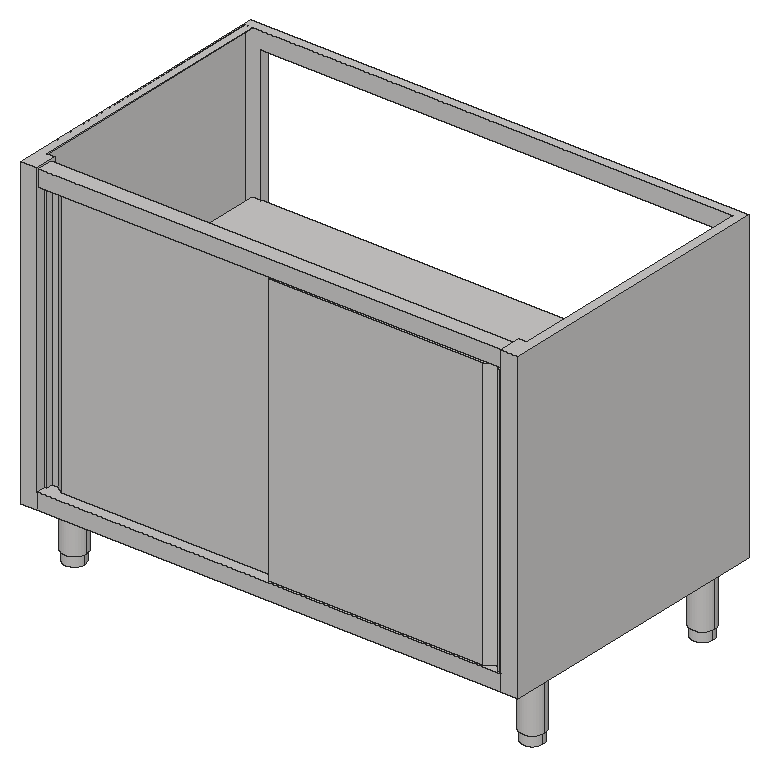
Revit family "QF_ELECTROLUXPROFESSIONAL_133185_RSAU1200SD", category Specialty Equipment, Revit 2018
Family settings
  Round Connector Dimension = Use Diameter
  Part Type = Normal
  Work Plane-Based = No
  Always vertical = Yes
  Cut with Voids When Loaded = No
  Shared = No
  Room Calculation Point = No
Parameters
  Weight = 0.00 kg
  Watts = 0 W
  Volts = 0 V
  URL Manufacturer = ""
  Steam Supply Size = 0 mm
  Steam Supply Minimum Pressure = 0.0 Pa
  Steam Supply Maximum Pressure = 0.0 Pa
  Steam Pounds per Hour = 0
  Refrigeration Suction Line Size = 0 mm
  Refrigeration Liquid Line Size = 0 mm
  Refrigerant Compressor Remote = yes
  Phase = 0
  Length Actual = 0 mm
  Item Number = ""
  Hot Water Size = 0 mm
  Height Actual = 0 mm
  HP = ""
  Gas Size = 0 mm
  Gas KW = 0
  Gas Input Pressure = 0 W
  Direct Waste Size = 0 mm
  Depth Actual = 0 mm
  Cycle = 0 Hz
  Condensate Return Size = 0 mm
  Compressed Air Volume = 0.0 L/s
  Compressed Air Size = 0 mm
  Compressed Air Pressure = 0.0 Pa
  Cold Water Size = 0 mm
  Accessory = yes
Reference planes
  plane 1 "Center (Front/Back)": y = 0
  plane 2: z = 0
  plane 3 "Center (Left/Right)": x = 0
  plane 4: y = 344.5
  plane 5 "Left": x = -594.5
  plane 6 "Right": x = 594.5
  plane 7: y = -344.5
  plane 8: z = 150
  plane 9: z = 883
  plane 10: x = -547.5
  plane 11: x = 547.5
  plane 12: y = 266.5
  plane 13: y = -241.9
Forms (mm)
  Extrusion 1, solid, material "QF_Finishes_Stainless Steel"
    sketch origin (0, 0, 0) x (1, 0, 0) y (0, 1, 0)
      loop
        line (-594.5, 344.5) -> (-594.5, -344.5) -> (-554.5, -344.5) -> (554.5, -344.5) -> (594.5, -344.5) -> (594.5, 344.5) -> (-594.5, 344.5)
    from 150 to 190
  Sweep 2, solid, material "QF_Finishes_Stainless Steel"
    path in 3D
      loop
        line (-594.5, -291.5, 150) -> (-594.5, 324.5, 150)
    profile origin (-594.5, 16.5, 150) x (1, 0, 0) y (0, 0, -1)
      loop
        line (0, -40) -> (0, -733) -> (20, -733) -> (20, -731.5) -> (1.5, -731.5) -> (1.5, -40) -> (0, -40)
  Extrusion 3, solid, material "QF_Finishes_Stainless Steel"
    sketch origin (0, 0, 0) x (1, 0, 0) y (0, 1, 0)
      loop
        line (-594.5, 344.5) -> (-594.5, 324.5) -> (-554.5, 324.5) -> (-554.5, 344.5) -> (-594.5, 344.5)
      loop
        line (594.5, 344.5) -> (554.5, 344.5) -> (554.5, 324.5) -> (594.5, 324.5) -> (594.5, 344.5)
      loop
        line (-594.5, -344.5) -> (-554.5, -344.5) -> (-554.5, -291.5) -> (-594.5, -291.5) -> (-594.5, -344.5)
      loop
        line (594.5, -344.5) -> (594.5, -291.5) -> (554.5, -291.5) -> (554.5, -344.5) -> (594.5, -344.5)
    from 190 to 883
  Extrusion 4, solid, material "QF_Finishes_Stainless Steel"
    sketch origin (0, 0, 0) x (1, 0, 0) y (0, 1, 0)
      loop
        line (-554.5, -304.5) -> (-554.5, -343.5) -> (554.5, -343.5) -> (554.5, -304.5) -> (-554.5, -304.5)
    from 843 to 881.5
  Extrusion 5, solid, material "QF_Finishes_Stainless Steel"
    sketch origin (0, 0, 0) x (1, 0, 0) y (0, 1, 0)
      loop
        line (-574.5, 324.5) -> (-574.5, -291.5) -> (574.5, -291.5) -> (574.5, 324.5) -> (-574.5, 324.5)
    from 480 to 520.003
  Sweep 6, solid, material "QF_Finishes_Stainless Steel"
    path in 3D
      loop
        line (594.5, -291.5, 150) -> (594.5, 324.5, 150)
    profile origin (594.5, 16.5, 150) x (1, 0, 0) y (0, 0, -1)
      loop
        line (0, -40) -> (-1.5, -40) -> (-1.5, -731.5) -> (-20, -731.5) -> (-20, -733) -> (0, -733) -> (0, -40)
  Extrusion 7, solid, material "QF_Finishes_Stainless Steel"
    sketch origin (0, 0, 0) x (1, 0, 0) y (0, 1, 0)
      loop
        line (-554.5, 324.5) -> (554.5, 324.5) -> (554.5, 344.5) -> (-554.5, 344.5) -> (-554.5, 324.5)
    from 843 to 883
Cuts and joins
  joined: Extrusion 1, Sweep 2, Extrusion 3, Extrusion 4, Extrusion 5, Sweep 6, Extrusion 7
Lines and regions (mm)
  sketch lines
    curve 1: line (-594.5, -291.5, 150) -> (-594.5, 324.5, 150)
    curve 2: line (594.5, -291.5, 150) -> (594.5, 324.5, 150)
  symbolic lines
    curve 3: line (-594.5, 344.5, 0) -> (594.5, 344.5, 0)
    curve 4: line (-594.5, -344.5, 0) -> (-594.5, 344.5, 0)
    curve 5: line (594.5, -344.5, 0) -> (-594.5, -344.5, 0)
    curve 6: line (594.5, 344.5, 0) -> (594.5, -344.5, 0)
    curve 7: line (-594.5, -311.5, 0) -> (0, -311.5, 0)
    curve 8: line (0, -311.5, 0) -> (0, -331.5, 0)
    curve 9: line (0, -331.5, 0) -> (594.5, -331.5, 0)
Dimensions and locks
  equal spacing: plane 5 "Left", plane 3 "Center (Left/Right)", plane 6 "Right"
  equal spacing: plane 4, plane 1 "Center (Front/Back)", plane 7
  plane 9 to plane 8 to level = 733 mm, 150 mm locked
  plane 3 "Center (Left/Right)" to plane 6 "Right" = 594.5 mm
  plane 7 to plane 1 "Center (Front/Back)" = 344.5 mm
  plane 9 to level = 883 mm
  locked: plane 10 to plane 5 "Left" at 47
  locked: plane 6 "Right" to plane 11 at 47
  plane 4 to plane 12 = 78 mm
  locked: plane 13 to plane 7 at 102.6
  aligned and locked: level to plane 2
  aligned and locked: Extrusion 1 to plane 8
  aligned and locked: plane 4 to Extrusion 1
  aligned and locked: Extrusion 1 to plane 5 "Left"
  aligned and locked: plane 6 "Right" to Extrusion 1
  aligned and locked: Extrusion 1 to plane 7
  aligned and locked: plane 11 to nested 3
  aligned and locked: plane 11 to nested 2
  aligned and locked: plane 10 to nested 1
  aligned and locked: plane 10 to nested 4
  aligned and locked: plane 12 to nested 1
  aligned and locked: plane 13 to nested 3
  aligned and locked: plane 13 to nested 4
  aligned and locked: plane 12 to nested 2
Automatic sketch dimensions
  Extrusion 1 sketch curve to plane 5 "Left" = 0 mm
  Extrusion 1 sketch curve to plane 7 = 0 mm  (x3)
  Extrusion 1 sketch curve to plane 6 "Right" = 0 mm
  Extrusion 1 sketch curve to plane 4 = 0 mm
  Extrusion 1 sketch curve to plane 10 = 7 mm
  Extrusion 1 sketch curve to Extrusion 1 sketch curve = 0 mm  (x2)
  plane 11 to Extrusion 1 sketch curve = 7 mm
  profile plane to Sweep 2 sketch curve = 0 mm
  Sweep 2 sketch curve to Sweep 2 sketch curve = 1.5 mm  (x2)
  Sweep 2 sketch curve to Sweep 2 sketch curve = 18.5 mm
  Sweep 2 sketch curve to profile plane = 733 mm
  Sweep 2 sketch curve to profile plane = 40 mm
  Extrusion 3 sketch curve to plane 4 = 0 mm  (x2)
  Extrusion 3 sketch curve to plane 5 "Left" = 0 mm  (x2)
  Extrusion 3 sketch curve to plane 7 = 0 mm  (x2)
  Extrusion 3 sketch curve to plane 6 "Right" = 0 mm  (x2)
  Extrusion 3 sketch curve to plane 10 = 7 mm  (x2)
  plane 11 to Extrusion 3 sketch curve = 7 mm  (x2)
  plane 13 to Extrusion 3 sketch curve = 49.6 mm  (x2)
  Extrusion 3 sketch curve to plane 4 = 20 mm  (x2)
  plane 7 to Extrusion 4 sketch curve = 1 mm
  Extrusion 4 sketch curve to plane 10 = 7 mm
  plane 11 to Extrusion 4 sketch curve = 7 mm
  Extrusion 4 sketch curve to Extrusion 4 sketch curve = 39 mm
  plane 5 "Left" to Extrusion 5 sketch curve = 20 mm
  Extrusion 5 sketch curve to plane 6 "Right" = 20 mm
  plane 13 to Extrusion 5 sketch curve = 49.6 mm
  Extrusion 5 sketch curve to plane 4 = 20 mm
  profile plane to Sweep 6 sketch curve = 0 mm
  Sweep 6 sketch curve to Sweep 6 sketch curve = 1.5 mm  (x2)
  Sweep 6 sketch curve to Sweep 6 sketch curve = 18.5 mm
  Sweep 6 sketch curve to profile plane = 733 mm
  Sweep 6 sketch curve to profile plane = 40 mm
  Extrusion 7 sketch curve to plane 4 = 0 mm
  Extrusion 7 sketch curve to plane 10 = 7 mm
  plane 11 to Extrusion 7 sketch curve = 7 mm
  Extrusion 7 sketch curve to Extrusion 7 sketch curve = 20 mm
  curve 3 to plane 4 = 0 mm
  curve 3 to plane 5 "Left" = 0 mm
  curve 9 to plane 3 "Center (Left/Right)" = 0 mm
  curve 5 to plane 6 "Right" = 0 mm
  curve 5 to plane 7 = 0 mm
  plane 7 to curve 8 = 13 mm
  curve 8 to curve 7 = 20 mm
Nested families
  nested 1: "Foot_Ø50_H150" at (-547.5, 266.5, 0), type "Foot_Ø50_H150"
  nested 2: "Foot_Ø50_H150" at (547.5, 266.5, 0), type "Foot_Ø50_H150"
  nested 3: "Foot_Ø50_H150" at (547.5, -241.9, 0), type "Foot_Ø50_H150"
  nested 4: "Foot_Ø50_H150" at (-547.5, -241.9, 0), type "Foot_Ø50_H150"
  nested 5: "Sliding Door" at (0, -304.5, 516.5) x (-1, 0, 0) z (0, -1, 0), type "Sliding Door"
    with L 1103 mm, H 647 mm
Definition of nested family "Foot_Ø50_H150"
  Reference planes
    plane 1 "Centro (Fronte/Retro)": y = 0
    plane 2: z = 0
    plane 3 "Centro (Sinistra/Destra)": x = 0
    plane 4: z = 150
  Forms (mm)
    Revolve 1, solid
      sketch origin (255.05, 0, 608.09) x (0, 0, 1) y (-1, 0, 0)
        loop
          line (-608.09, 255.05) -> (-608.09, 230.05) -> (-583.09, 230.05) -> (-583.09, 226.05) -> (-458.09, 226.05) -> (-458.09, 255.05) -> (-608.09, 255.05)
        axis (-608.09, 255.05) -> (-458.09, 255.05)
      angle from 0 to 360
  Dimensions and locks
    locked: Revolve 1 sketch curve to Revolve 1 sketch curve at 125
    aligned and locked: level to plane 2
    aligned and locked: plane 4 to Revolve 1 sketch curve
    aligned and locked: Revolve 1 sketch curve to level
    aligned and locked: plane 3 "Centro (Sinistra/Destra)" to Revolve 1 sketch curve
Definition of nested family "Sliding Door"
  Parameters
    L [instance] = 468 mm
    H [instance] = 560 mm
    Default Elevation = 1219.2 mm
  Reference planes
    plane 1 "Centro (Fronte/Retro)": y = 0
    plane 2: z = 0
    plane 3 "Centro (Sinistra/Destra)": x = 0
    plane 4: y = 280
    plane 5: y = -280
    plane 6: x = 234
    plane 7: x = -234
  Forms (mm)
    Extrusion 1, solid
      sketch origin (0, 0, 0) x (1, 0, 0) y (0, 1, 0)
        loop
          line (-1219.2, 1219.2) -> (-1219.2, -1219.2) -> (1219.2, -1219.2) -> (1219.2, 1219.2) -> (-1219.2, 1219.2)
      from 0 to -304.8
    Extrusion 2, solid
      sketch origin (-234, 0, 20) x (-1, 0, 0) y (0, 0, -1)
        loop
          line (-234, 0) -> (-234, -20) -> (-39.641, -20) -> (-19.162, -5.661) -> (-5, -5.661) -> (-5, -20) -> (0, -20) -> (0, 0) -> (-234, 0)
      from -280 to 280
    Extrusion 3, solid
      sketch origin (234, 0, 0) x (1, 0, 0) y (0, 0, 1)
        loop
          line (-234, 0) -> (0, 0) -> (0, 20) -> (-5, 20) -> (-5, 5.661) -> (-19.162, 5.661) -> (-39.641, 20) -> (-234, 20) -> (-234, 0)
      from -280 to 280
  Dimensions and locks
    equal spacing: plane 4, plane 1 "Centro (Fronte/Retro)", plane 5
    "H": plane 4 to plane 5
    "L": plane 6 to plane 7
    locked: Extrusion 2 sketch curve to Extrusion 2 sketch curve at 5
    locked: Extrusion 2 sketch curve to Extrusion 2 sketch curve at 14.162
    locked: Extrusion 2 sketch curve to Extrusion 2 sketch curve at 39.641
    locked: Extrusion 3 sketch curve to Extrusion 3 sketch curve at 5
    locked: Extrusion 3 sketch curve to Extrusion 3 sketch curve at 14.162
    locked: Extrusion 3 sketch curve to Extrusion 3 sketch curve at 39.641
    equal spacing: plane 7, plane 3 "Centro (Sinistra/Destra)", plane 6
    aligned and locked: plane 2 to Extrusion 1
    aligned and locked: level to Extrusion 1
    aligned and locked: plane 4 to Extrusion 2
    aligned and locked: Extrusion 2 to plane 5
    aligned and locked: Extrusion 3 to plane 5
    aligned and locked: plane 4 to Extrusion 3
  Automatic sketch dimensions
    Extrusion 1 sketch curve to Extrusion 1 sketch curve = 2438.4 mm  (x2)
    Extrusion 2 sketch curve to plane 3 "Centro (Sinistra/Destra)" = 0 mm
    plane 7 to Extrusion 2 sketch curve = 0 mm
    Extrusion 2 sketch curve to Extrusion 2 sketch curve = 14.339 mm  (x2)
    Extrusion 3 sketch curve to plane 3 "Centro (Sinistra/Destra)" = 0 mm
    Extrusion 3 sketch curve to plane 6 = 0 mm
    Extrusion 3 sketch curve to Extrusion 3 sketch curve = 14.339 mm
    level to Extrusion 2 sketch curve = 40 mm
    Extrusion 2 sketch curve to Extrusion 2 sketch curve = 20 mm
    Extrusion 3 sketch curve to level = 0 mm
    level to Extrusion 3 sketch curve = 5.661 mm
    level to Extrusion 3 sketch curve = 20 mm
